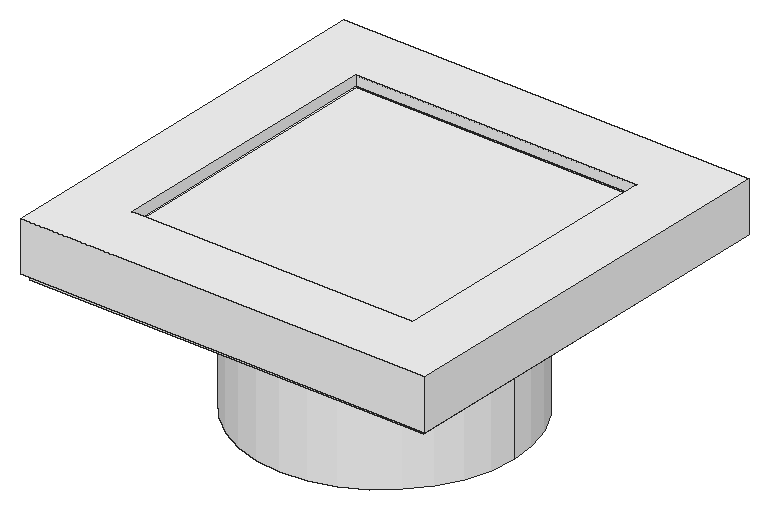
Revit family "Gira_012726", category Electrical Fixtures, host Face, Revit 2017
Family settings
  Host = Face
  Maintain Annotation Orientation = Yes
  Round Connector Dimension = Use Diameter
  Part Type = Normal
  Cut with Voids When Loaded = No
  Shared = No
  Room Calculation Point = No
Parameters (values of type "Tastschalter Kreuz System 55 F Alu")
  Zusammenstellung = "Basiselement mit zentraler Abdeckplatte"
  White [instance] = White
  Werkstoffgüte = "sonstige"
  Werkstoff = "sonstige"
  Waschmaschinenschalter = "No"
  URL = "http://katalog.gira.de/de_DE/datenblatt.html?artikelnr=012726"
  Textfeld/Beschriftungsfläche = "nein"
  Tastschalter = "Yes"
  Schaltungsart = "Kreuzschalter"
  Rückmeldekontakt = "No"
  Region = "DE"
  Oberfläche = "sonstige"
  Nennspannung = "250 Volt"
  Name = "Tastschalter Kreuz System 55 F Alu"
  Montageart = "unter Putz"
  Model = "Sys55_Komplettgerät_Schalten und Tasten"
  Mit Montageplatte = "No"
  Manufacturer URL = "https://www.gira.de/"
  HeinzeBIM = "https://bimportal.heinze.de/bim/tastschalter-kreuz-system-55-f-alu/b68f160dfbaa5e9dd670ad837312954e21478e20"
  Halogenfrei = "No"
  HAN = "012726"
  Geeignet für Schutzart (IP) = "IP20"
  GTIN = "4010337127260"
  Farbe = "aluminium"
  Default Elevation = 1219.2 mm
  Data sheet (1) = "https://katalog.gira.de/de_DE/download.html?artikelnr=012726"
  Category = "Installationsschalter"
  Bemessungsstrom = "10 Ampere"
  Beleuchtung = "nein"
  Befestigungsart = "Krallen-/Schraubbefestigung"
  Bedienungsart = "Wippe/Taste"
  Available = "Yes"
  Anzahl der Module (bei Modulbauweise) = "1 "
  Anzahl der Betätigungswippen = "1 "
  Anschlussart = "Steckklemme"
Reference planes
  plane 1 "Center (Front/Back)": y = 0
  plane 2: z = 0
  plane 3 "Center (Left/Right)": x = 0
Forms (mm)
  Extrusion 1, solid, material "White" <- "White", detail levels medium
    sketch origin (0, 0, 0) x (1, 0, 0) y (0, 1, 0)
      loop
        line (-40.4, 40.4) -> (-40.4, -40.4) -> (40.4, -40.4) -> (40.4, 40.4) -> (-40.4, 40.4)
      loop
        line (-28, 28) -> (-28, -28) -> (28, -28) -> (28, 28) -> (-28, 28)
    from 0 to 10
  Extrusion 2, solid, material "White" <- "White", detail levels fine
    sketch origin (0, 0, 0) x (1, 0, 0) y (0, 1, 0)
      loop
        line (-40.4, 40.4) -> (-40.4, -40.4) -> (40.4, -40.4) -> (40.4, 40.4) -> (-40.4, 40.4)
      loop
        line (-28, 28) -> (-28, -28) -> (28, -28) -> (28, 28) -> (-28, 28)
    from 0 to 10
  Extrusion 3, void
    sketch origin (0, 0, 0) x (1, 0, 0) y (0, 1, 0)
      loop
        line (-38.4, 38.4) -> (-38.4, -38.4) -> (38.4, -38.4) -> (38.4, 38.4) -> (-38.4, 38.4)
    from 0 to 8
  Extrusion 4, solid, material "White" <- "White", detail levels medium+fine
    sketch origin (0, 0, 0) x (1, 0, 0) y (0, 1, 0)
      loop
        line (-39.4, 39.4) -> (-39.4, -39.4) -> (39.4, -39.4) -> (39.4, 39.4) -> (-39.4, 39.4)
    from 0 to -1
  Extrusion 5, solid, material "White" <- "White", detail levels medium+fine
    sketch origin (0, 0, 0) x (1, 0, 0) y (0, 1, 0)
      loop
        line (-35.5, 35.5) -> (-35.5, -35.5) -> (35.5, -35.5) -> (35.5, 35.5) -> (-35.5, 35.5)
    from -2 to -3
  Extrusion 6, solid, material "White" <- "White", detail levels medium+fine
    sketch origin (0, 0, 0) x (1, 0, 0) y (0, 1, 0)
      loop
        circle (0, 0) r 26
    from 0 to -27.5
  Extrusion 7, solid, material "White" <- "White", detail levels coarse
    sketch origin (0, 0, 0) x (1, 0, 0) y (0, 1, 0)
      loop
        line (-40.4, 40.4) -> (-40.4, -40.4) -> (40.4, -40.4) -> (40.4, 40.4) -> (-40.4, 40.4)
    from -27.5 to 10
Cuts and joins
  Extrusion 3 cuts Extrusion 2
Dimensions and locks
  aligned and locked: plane 2 to host face
  aligned and locked: level to host face
  aligned and locked: plane 3 "Center (Left/Right)" to nested 2
  aligned and locked: plane 1 "Center (Front/Back)" to nested 2
Nested families
  nested 1: "Sys55_Abdeckung_Schalten und Tasten_floor_base" at (0, 0, 0), type "Sys55_Abdeckung_Schalten und Tasten_floor_base"
  nested 2: "Schalter" at (0, 0, 0), type "Schalter"
Connectors
  electrical at (0, 0, -27.5)
    settings: on Extrusion 6, index 1, voltage 220 V, apparent load 0 VA, apparent load phase1 0 VA, apparent load phase2 0 VA, apparent load phase3 0 VA, power factor 1, load classification "Other", number of poles 1, system type 30, power factor state 1, is connector primary yes, connector utility no, sub classification motor no, connector description ""
Definition of nested family "Sys55_Abdeckung_Schalten und Tasten_floor_base"
  Parameters
    Default Elevation = 1219.2 mm
    White [instance] = none
  Reference planes
    plane 1 "Center (Front/Back)": y = 0
    plane 2: z = 0
    plane 3 "Center (Left/Right)": x = 0
  Forms (mm)
    Extrusion 1, solid
      sketch origin (0, 0, 0) x (1, 0, 0) y (0, 1, 0)
        loop
          line (-1219.2, 1219.2) -> (-1219.2, -1219.2) -> (1219.2, -1219.2) -> (1219.2, 1219.2) -> (-1219.2, 1219.2)
      from 0 to -304.8
    Extrusion 2, solid, material <- "White", detail levels fine
      sketch origin (0, 0, 0) x (1, 0, 0) y (0, 1, 0)
        loop
          line (-27.5, 27.5) -> (-27.5, -27.5) -> (27.5, -27.5) -> (27.5, 27.5) -> (-27.5, 27.5)
      from 0 to 8
    Extrusion 3, void
      sketch origin (0, 0, 0) x (1, 0, 0) y (0, 1, 0)
        loop
          line (26, 26) -> (-26, 26) -> (-26, -26) -> (26, -26) -> (26, 26)
      from 0 to 6
    Extrusion 4, solid, material <- "White", detail levels medium
      sketch origin (0, 0, 0) x (1, 0, 0) y (0, 1, 0)
        loop
          line (-27.5, 27.5) -> (-27.5, -27.5) -> (27.5, -27.5) -> (27.5, 27.5) -> (-27.5, 27.5)
      from 0 to 8
    Extrusion 5, solid, material <- "White", detail levels medium
      sketch origin (0, 0, 0) x (1, 0, 0) y (0, 1, 0)
        loop
          line (11, -17.5) -> (11, 17.5) -> (-11, 17.5) -> (-11, -17.5) -> (11, -17.5)
      from -6 to 6
    Extrusion 6, solid, material <- "White", detail levels fine
      sketch origin (0, 0, 0) x (1, 0, 0) y (0, 1, 0)
        loop
          line (11, 17.5) -> (-11, 17.5) -> (-11, 16.5) -> (11, 16.5) -> (11, 17.5)
        loop
          line (-11, -16.5) -> (-11, -17.5) -> (11, -17.5) -> (11, -16.5) -> (-11, -16.5)
      from -4 to 6
    Extrusion 7, solid, material <- "White", detail levels fine
      sketch origin (0, 0, 0) x (1, 0, 0) y (0, 1, 0)
        loop
          arc (5, 9.347) -> (0, 10.6) -> (-5, 9.347) r 10.6
          line (-5, 9.347) -> (-5, -9.347)
          arc (-5, -9.347) -> (0, -10.6) -> (5, -9.347) r 10.6
          line (5, -9.347) -> (5, 9.347)
      from -6 to 6
    Extrusion 8, solid, material <- "White", detail levels coarse
      sketch origin (0, 0, 0) x (1, 0, 0) y (0, 1, 0)
        loop
          line (-27.5, 27.5) -> (-27.5, -27.5) -> (27.5, -27.5) -> (27.5, 27.5) -> (-27.5, 27.5)
      from -6 to 8
  Cuts and joins
    Extrusion 3 cuts Extrusion 2
  Dimensions and locks
    aligned and locked: plane 2 to Extrusion 1
    aligned and locked: level to Extrusion 1
Definition of nested family "Schalter"
  Reference planes
    plane 1: y = 0
    plane 2: x = 0
  Lines and regions (mm)
    detail lines
      curve 1: circle (1.375, 2.778, 0) r 0.8 normal (0, 0, 1)
      curve 2: line (1.021, 2.061, 0) -> (0, 0, 0)
      curve 3: line (0, 0, 0) -> (-0.538, 0.266, 0)
  Dimensions and locks
    curve 2 to curve 2 = 2.3 mm
    curve 3 to curve 2 = 0.6 mm
    radius of curve 1 = 0.8 mm
